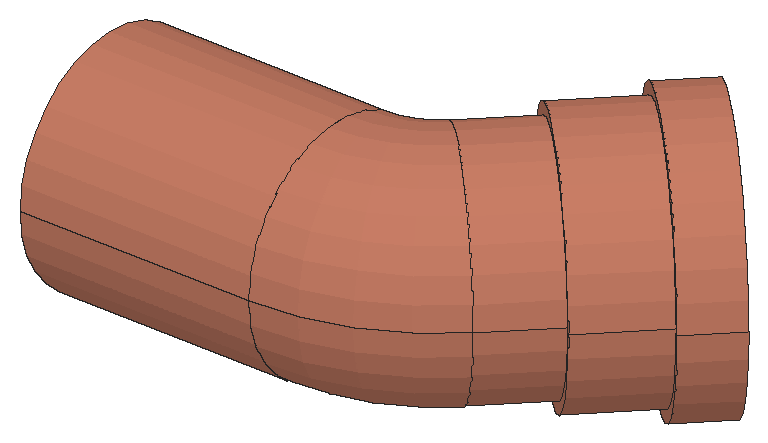
Revit family "Elbow-MxF-B-PressXL-Water-Gas-Conex-65-100mm", category Pipe Fittings, Revit 2019
Family settings
  Round Connector Dimension = Use Diameter
  Part Type = Elbow
  OmniClass Number = 23.60.30.11.14
  OmniClass Title = Pipework Fittings
  Work Plane-Based = No
  Always vertical = Yes
  Cut with Voids When Loaded = No
  Shared = No
Parameters (values of type "Gas")
  Z [instance] = size_lookup(Lookup Table Name, "Z", NominalDiameter, NominalDiameter, Angle)  # 45 mm
  WorkingFluidSelector = 1
  WorkingFluid [instance] = if(WorkingFluidSelector = 1, "Gas", if(WorkingFluidSelector = 2, "Water", "WorkingFluid NA"))  # "Gas"
  Uniformat IIElements = "TBC"
  URL = "http://www.conexbanninger.com.au/products/b-press-fittings#t=b-press-xl"
  Type Comments = "TBC"
  TickSize [instance] = NominalDiameter  # 80 mm
  SerialNumber [instance] = ""
  SealRingLength [instance] = SocketDepth * 0.4  # 20 mm
  SealRingDiameter [instance] = NominalDiameter * 1.2  # 96 mm
  ProductCode [instance] = if(and(NominalDiameter = 65 mm, WorkingFluidSelector = 1, Angle = 90.00°), "404923", if(and(NominalDiameter = 80 mm, WorkingFluidSelector = 1, Angle = 90.00°), "404924", if(and(NominalDiameter = 100 mm, WorkingFluidSelector = 1, Angle = 90.00°), "404925", if(and(NominalDiameter = 65 mm, WorkingFluidSelector = 2, Angle = 90.00°), "404857", if(and(NominalDiameter = 80 mm, WorkingFluidSelector = 2, Angle = 90.00°), "404858", if(and(NominalDiameter = 100 mm, WorkingFluidSelector = 2, Angle = 90.00°), "404859", if(and(NominalDiameter = 65 mm, WorkingFluidSelector = 1, Angle = 45.00°), "404904", if(and(NominalDiameter = 80 mm, WorkingFluidSelector = 1, Angle = 45.00°), "404905", if(and(NominalDiameter = 100 mm, WorkingFluidSelector = 1, Angle = 45.00°), "404906", if(and(NominalDiameter = 65 mm, WorkingFluidSelector = 2, Angle = 45.00°), "404848", if(and(NominalDiameter = 80 mm, WorkingFluidSelector = 2, Angle = 45.00°), "404849", if(and(NominalDiameter = 100 mm, WorkingFluidSelector = 2, Angle = 45.00°), "404850", "ProductCode NA"))))))))))))  # "404905"
  OmniclassProducts = "TBC"
  NominalRadius [instance] = NominalDiameter / 2  # 40 mm
  NominalDiameter [instance] = 80 mm
  NATSPECWorkSection = "TBC"
  ModifiedIssue_ANZRS = 20161221.54  # constant formula
  Model Version = "2015"
  Model Status [instance] = ""
  Model Specification = "BMA"
  Model = "Elbow - MxF 45° & 90°"  # constant formula
  Material = Copper
  Mark [instance] = ""
  Manufacturer = "Conex | Bänninger"  # constant formula
  Loss Method = K Coefficient from Table
  Lookup Table Name = "Elbow-MxF-B-PressXL-Water-Gas-Conex-65-100mm"
  SocketDepth [instance] = L1 - Z  # 50 mm
  L2 [instance] = size_lookup(Lookup Table Name, "L2", 1.5 * NominalDiameter, NominalDiameter, Angle)  # 100 mm
  L1 [instance] = size_lookup(Lookup Table Name, "L1", 1.5 * NominalDiameter, NominalDiameter, Angle)  # 95 mm
  K Coefficient Table = "Regular 45, 90 and 180 Elbow"
  built-in parameter 1114238 [instance] = not(0 mm < size_lookup(Lookup Table Name, "L1", 0 mm, NominalDiameter, Angle))  # (empty or 0)
  FittingOutsideRadius [instance] = FittingOutsideDiameter / 2  # 44 mm
  FittingOutsideDiameter [instance] = NominalDiameter * 1.1  # 88 mm
  FittingAngle [instance] = Angle  # 45.00°
  FinalHHWFlow [instance] = 0.0 L/s
  ElbowDiameter [instance] = NominalDiameter  # 80 mm
  Description = ">B< Press XL has only two internal parts, the grip ring and the seal. Both parts have an internal diameter larger than the tube, which allows for easy tube insertion and pre press leak indication."  # constant formula
  CustomFitting [instance] = not(0 mm < size_lookup(Lookup Table Name, "L1", 0 mm, NominalDiameter, Angle))  # no
  CreatedByURL_ANZRS = "http://www.bimmepaus.com.au/"
  CreatedBy = "A2K Technologies"  # constant formula
  ConnectorTolerance = 2.00°
  ConnectorAngle [instance] = 45.00°
  CenterRadius [instance] = Z  # 45 mm
  CenterEnd [instance] = CenterRadius * tan(FittingAngle / 2)  # 18.64 mm
  Assembly Code = "D2090800"
  Angle [instance] = if(and(ConnectorAngle < 45.00° + ConnectorTolerance, ConnectorAngle > 45.00° - ConnectorTolerance), 45.00°, if(and(ConnectorAngle < 90.00° + ConnectorTolerance, ConnectorAngle > 90.00° - ConnectorTolerance), 90.00°, if(and(ConnectorAngle < 5.00° + ConnectorTolerance, ConnectorAngle > 5.00° - ConnectorTolerance), 5.00°, if(and(ConnectorAngle < 15.00° + ConnectorTolerance, ConnectorAngle > 15.00° - ConnectorTolerance), 15.00°, if(and(ConnectorAngle < 30.00° + ConnectorTolerance, ConnectorAngle > 30.00° - ConnectorTolerance), 30.00°, if(and(ConnectorAngle < 60.00° + ConnectorTolerance, ConnectorAngle > 60.00° - ConnectorTolerance), 60.00°, ConnectorAngle))))))  # 45.00°
  2DLineLength [instance] = L1 - SocketDepth  # 45 mm
Types (2, lengths in mm): name | WorkingFluidSelector | WorkingFluid | ProductCode
  Gas | 1 | "Gas" | "404905"
  Water | 2 | "Water" | "404849"
Reference planes
  plane 1 "Center (Front/Back)": y = 0
  plane 2: z = 0
  plane 3 "Center (Left/Right)": x = 0
  plane 4: x = -100
Forms (mm)
  Sweep 1, solid, material "Copper" <- "Material", detail levels fine
    path origin (0, 0, 0) x (1, 0, 0) y (0, 1, 0)
      loop
        line (67.175, 67.175) -> (31.82, 31.82)
    profile origin (49.497, 49.497, 0) x (0.707107, -0.707107, 0) y (0, 0, 1)
      loop
        circle (0, 0) r 44
  Sweep 2, solid, material "Copper" <- "Material", detail levels fine
    path origin (0, 0, 0) x (1, 0, 0) y (0, 1, 0)
      loop
        line (67.175, 67.175) -> (13.18, 13.18)
        arc (13.18, 13.18) -> (-1.419, 3.425) -> (-18.64, 0) r 45
        line (-18.64, 0) -> (-100, 0)
    profile origin (-1.419, 3.425, 0) x (0.382683, -0.92388, 0) y (0, 0, 1)
      loop
        circle (0, 0) r 40
  Sweep 3, solid, material "Copper" <- "Material", detail levels fine
    path origin (0, 0, 0) x (1, 0, 0) y (0, 1, 0)
      loop
        line (53.033, 53.033) -> (67.175, 67.175)
    profile origin (60.104, 60.104, 0) x (-0.707107, 0.707107, 0) y (0, 0, 1)
      loop
        circle (0, 0) r 48
Cuts and joins
  joined: Sweep 1, Sweep 2, Sweep 3
Lines and regions (mm)
  model lines, detail levels coarse+medium
    curve 1: line (-100, 0, 0) -> (0, 0, 0)
    curve 2: line (-100, 40, 0) -> (-100, -40, 0)
    curve 3: line (0, 0, 0) -> (31.82, 31.82, 0)
    curve 4: line (3.536, 60.104, 0) -> (60.104, 3.536, 0)
    curve 5: line (60.104, 3.536, 0) -> (95.459, 38.891, 0)
    curve 6: line (3.536, 60.104, 0) -> (38.891, 95.459, 0)
Dimensions and locks
  "L2": plane 4 to plane 3 "Center (Left/Right)"
  locked: profile plane to Sweep 1 sketch curve at 0
  locked: profile plane to Sweep 1 sketch curve
  "SocketDepth": Sweep 1 sketch curve to Sweep 1 sketch curve
  "CenterEnd": Sweep 2 sketch curve to plane 3 "Center (Left/Right)"
  "CenterRadius": plane 1 "Center (Front/Back)" to Sweep 2 sketch curve
  locked: plane 3 "Center (Left/Right)" to Sweep 2 sketch curve at 0
  plane 3 "Center (Left/Right)" to Sweep 2 sketch curve = 95 mm
  "L1": curve 1 to Sweep 2 sketch curve
  locked: plane 3 "Center (Left/Right)" to Sweep 1 sketch curve
  "L1": plane 3 "Center (Left/Right)" to Sweep 1 sketch curve
  "2DLineLength": curve 1 to curve 4
  locked: curve 1 to curve 3
  equal spacing: curve 5, curve 3, curve 6
  "SocketDepth": curve 6 to curve 6
  "SocketDepth": curve 5 to curve 5
  "TickSize": curve 5 to curve 6
  locked: Sweep 3 sketch curve to curve 1 at 0
  "L1": curve 3 to Sweep 3 sketch curve
  "SealRingLength": Sweep 3 sketch curve to Sweep 3 sketch curve
  equal spacing: curve 2, plane 1 "Center (Front/Back)", curve 2
  "TickSize": curve 2 to curve 2
  "FittingOutsideRadius": radius of Sweep 1 sketch curve
  "CenterRadius": radius of Sweep 2 sketch curve
  "ElbowDiameter": diameter of Sweep 2 sketch curve
  "SealRingDiameter": diameter of Sweep 3 sketch curve
  "ConnectorAngle": angle plane 1 "Center (Front/Back)" to Sweep 1 sketch curve
  "ConnectorAngle": angle Sweep 2 sketch curve to Sweep 2 sketch curve
  "ConnectorAngle": angle plane 1 "Center (Front/Back)" to Sweep 2 sketch curve
  "ConnectorAngle": angle plane 1 "Center (Front/Back)" to curve 3
  locked: curve 3 to curve 4 (angle 90.00°)
  "ConnectorAngle": angle plane 1 "Center (Front/Back)" to curve 5
  "ConnectorAngle": angle plane 1 "Center (Front/Back)" to curve 6
  "ConnectorAngle": angle plane 1 "Center (Front/Back)" to Sweep 3 sketch curve
  aligned and locked: level to plane 2
  aligned and locked: plane 1 "Center (Front/Back)" to curve 1
  aligned and locked: level to Sweep 2 sketch curve
  aligned and locked: plane 4 to Sweep 2 sketch curve
  aligned and locked: curve 3 to Sweep 3 sketch curve
  aligned and locked: level to Sweep 3 sketch curve
  aligned and locked: curve 2 to plane 4
Automatic sketch dimensions
  curve 3 to plane 3 "Center (Left/Right)" = 0 mm
  Sweep 2 sketch curve to profile plane = 0 mm
Connectors
  piping at (31.82, 31.82, 0), diameter 80, driven by "NominalDiameter", driven by "ConnectorAngle"
    settings: on Sweep 1, index 2, connector inside diameter 609.6 mm, connector length 0 mm, flow factor 0, pipe flow 0.0 L/s, pressure drop 0.0 Pa, fitting loss kfactor 0, connector angle 45.00°, fixture units 0, engagement length 0 mm, angle of deflection 0.00°, flow configuration 0, flow direction 0, fitting loss method 0, system type 28, joint type 0, gender type 0, connector reference index 3, connector utility 0, adjustable connector yes, is connector primary no, connector description ""
  piping at (-100, 0, 0), diameter 80, driven by "NominalDiameter", driven by "ConnectorAngle"
    settings: on cut or joined group of Sweep 1, Sweep 2, Sweep 3, index 3, connector inside diameter 609.6 mm, connector length 0 mm, flow factor 0, pipe flow 0.0 L/s, pressure drop 0.0 Pa, fitting loss kfactor 0, connector angle 45.00°, fixture units 0, engagement length 0 mm, angle of deflection 0.00°, flow configuration 0, flow direction 0, fitting loss method 0, system type 28, joint type 0, gender type 0, connector reference index 2, connector utility 0, adjustable connector no, is connector primary yes, connector description ""
